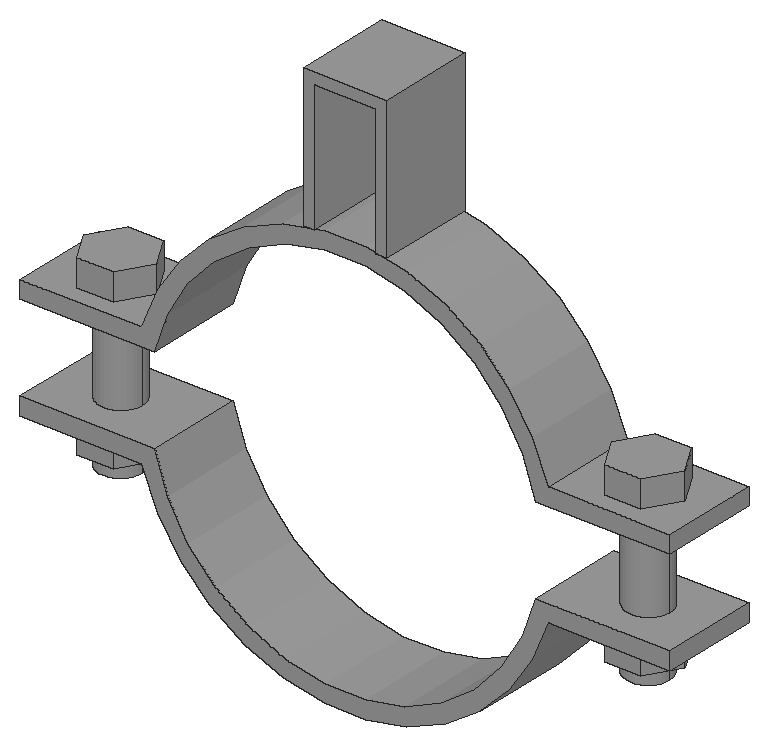
Revit family "LRD", category Pipe Accessories, Revit 2021
Family settings
  Round Connector Dimension = Use Diameter
  Part Type = Valve - Breaks Into
  Work Plane-Based = Yes
  Always vertical = No
  Cut with Voids When Loaded = No
  Shared = No
Parameters (values of type "LRD8")
  rad1 = rad + 0' 0.35433"  # 0' - 4.35433"
  lRad1 = rad1 - 0' 0.07874"  # 0' - 4.27559"
  dep = 2 * rad / 4.5  # 0' - 1.77778"
  a = 154.682°
  Name [instance] = "LRD8"
  LRDWB = no
  LRD = yes
  ISAT Bracing Attachment Type Seismic Alternate 2 Description [instance] = ""
  ISAT Bracing Attachment Type Seismic Alternate 2 [instance] = ""
  ISAT Bracing Attachment Type Seismic Alternate 1 Description [instance] = ""
  ISAT Bracing Attachment Type Seismic Alternate 1 [instance] = ""
  ISAT Bracing Attachment Type Description [instance] = ""
  ISAT Bracing Attachment Type Alternate Description [instance] = ""
  ISAT Bracing Attachment Type Alternate [instance] = ""
  ISAT Bracing Attachment Type [instance] = ""
  ISAT Brace Level [instance] = ""
  ISAT Brace Kit Id [instance] = ""
  ISAT Brace Kit Designation [instance] = ""
  ISAT Brace Errors [instance] = ""
  ISAT Attachment Target [instance] = ""
  ISAT Area [instance] = ""
  Hord [instance] = 2 * rad * sin(a / 2)  # 0' - 7.80554"
  rad = Diam / 2  # 0' - 4"
  Diam = 0' - 8"
  Default Elevation = 4' - 0"
Types (26): name | rad1 | lRad1 | dep | Name | LRDWB | LRD | Hord | rad | Diam
  LRDWB1 | 0' - 0.85433" | 0' - 0.77559" | 0' - 0.22222" | "LRDWB 1" | yes | no | 0' - 0.97569" | 0' - 0 1/2" | 0' - 1"
  LRDWB1.25 | 0' - 0.97933" | 0' - 0.90059" | 0' - 0.27778" | "LRDWB1.25" | yes | no | 0' - 1.21962" | 0' - 0 5/8" | 0' - 1 1/4"
  LRDWB1.5 | 0' - 1.10433" | 0' - 1.02559" | 0' - 0.33333" | "LRDWB1.5" | yes | no | 0' - 1.46354" | 0' - 0 3/4" | 0' - 1 1/2"
  LRDWB10 | 0' - 6.35433" | 0' - 6.27559" | 0' - 2.66667" | "LRDWB10" | yes | no | 0' - 11.7083" | 0' - 6" | 1' - 0"
  LRDWB12 | 0' - 7.35433" | 0' - 7.27559" | 0' - 3.11111" | "LRDWB12" | yes | no | 1' - 1.65969" | 0' - 7" | 1' - 2"
  LRDWB14 | 0' - 8.35433" | 0' - 8.27559" | 0' - 3.55556" | "LRDWB14" | yes | no | 1' - 3.61107" | 0' - 8" | 1' - 4"
  LRDWB2 | 0' - 1.35433" | 0' - 1.27559" | 0' - 0.44444" | "LRDWB2" | yes | no | 0' - 1.95138" | 0' - 1" | 0' - 2"
  LRDWB2.5 | 0' - 1.60433" | 0' - 1.52559" | 0' - 0.55556" | "LRDWB2.5" | yes | no | 0' - 2.43923" | 0' - 1 1/4" | 0' - 2 1/2"
  LRDWB3 | 0' - 1.85433" | 0' - 1.77559" | 0' - 0.66667" | "LRDWB3" | yes | no | 0' - 2.92708" | 0' - 1 1/2" | 0' - 3"
  LRDWB4 | 0' - 2.35433" | 0' - 2.27559" | 0' - 0.88889" | "LRDWB4" | yes | no | 0' - 3.90277" | 0' - 2" | 0' - 4"
  LRDWB5 | 0' - 2.85433" | 0' - 2.77559" | 0' - 1.11111" | "LRDWB5" | yes | no | 0' - 4.87846" | 0' - 2 1/2" | 0' - 5"
  LRDWB6 | 0' - 3.35433" | 0' - 3.27559" | 0' - 1.33333" | "LRDWB6" | yes | no | 0' - 5.85415" | 0' - 3" | 0' - 6"
  LRDWB8 | 0' - 4.35433" | 0' - 4.27559" | 0' - 1.77778" | "LRDWB8" | yes | no | 0' - 7.80554" | 0' - 4" | 0' - 8"
  LRD1 | 0' - 0.85433" | 0' - 0.77559" | 0' - 0.22222" | "LRD1" | no | yes | 0' - 0.97569" | 0' - 0 1/2" | 0' - 1"
  LRD1.25 | 0' - 0.97933" | 0' - 0.90059" | 0' - 0.27778" | "LRD1.25" | no | yes | 0' - 1.21962" | 0' - 0 5/8" | 0' - 1 1/4"
  LRD1.5 | 0' - 1.10433" | 0' - 1.02559" | 0' - 0.33333" | "LRD1.5" | no | yes | 0' - 1.46354" | 0' - 0 3/4" | 0' - 1 1/2"
  LRD10 | 0' - 6.35433" | 0' - 6.27559" | 0' - 2.66667" | "LRD10" | no | yes | 0' - 11.7083" | 0' - 6" | 1' - 0"
  LRD12 | 0' - 7.35433" | 0' - 7.27559" | 0' - 3.11111" | "LRD12" | no | yes | 1' - 1.65969" | 0' - 7" | 1' - 2"
  LRD14 | 0' - 8.35433" | 0' - 8.27559" | 0' - 3.55556" | "LRD14" | no | yes | 1' - 3.61107" | 0' - 8" | 1' - 4"
  LRD2 | 0' - 1.35433" | 0' - 1.27559" | 0' - 0.44444" | "LRD2" | no | yes | 0' - 1.95138" | 0' - 1" | 0' - 2"
  LRD2.5 | 0' - 1.60433" | 0' - 1.52559" | 0' - 0.55556" | "LRD2.5" | no | yes | 0' - 2.43923" | 0' - 1 1/4" | 0' - 2 1/2"
  LRD3 | 0' - 1.85433" | 0' - 1.77559" | 0' - 0.66667" | "LRD3" | no | yes | 0' - 2.92708" | 0' - 1 1/2" | 0' - 3"
  LRD4 | 0' - 2.35433" | 0' - 2.27559" | 0' - 0.88889" | "LRD4" | no | yes | 0' - 3.90277" | 0' - 2" | 0' - 4"
  LRD5 | 0' - 2.85433" | 0' - 2.77559" | 0' - 1.11111" | "LRD5" | no | yes | 0' - 4.87846" | 0' - 2 1/2" | 0' - 5"
  LRD6 | 0' - 3.35433" | 0' - 3.27559" | 0' - 1.33333" | "LRD6" | no | yes | 0' - 5.85415" | 0' - 3" | 0' - 6"
  LRD8 | 0' - 4.35433" | 0' - 4.27559" | 0' - 1.77778" | "LRD8" | no | yes | 0' - 7.80554" | 0' - 4" | 0' - 8"
Reference planes (in)
  plane 1 "По центру (Вперед/Назад)": y = 0
  plane 2: z = 0
  plane 3 "По центру (Влево/Вправо)": x = 0
  plane 4 "Up": y = 1
  plane 5 "Down": y = -1
  plane 6: z = 0.88889
  plane 7: z = -0.88889
  plane 8: x = 3.90277
  plane 9: x = -3.90277
  plane 10: x = 6.65072
  plane 11: x = -6.65072
  plane 12: x = -5.40072
  plane 13: x = 5.40072
  plane 14: z = 1.2492
  plane 15: z = -1.2492
  plane 16: z = -2.5312
  plane 17: z = 1.80718
  plane 18: z = -1.80718
  plane 19: z = 1.72911
  plane 20: z = 4.27559
  plane 21: z = 4.82677
  plane 22: z = 7.16394
  plane 23: z = 6.61276
Forms (in)
  Extrusion 1, solid, material "Default"
    sketch origin (0, 0, 0) x (1, 0, 0) y (0, 0, 1)
      loop
        line (3.89998, 0.88889) -> (6.65072, 0.88889) -> (6.65072, 1.2492) -> (4.17129, 1.2492)
        arc (4.17129, 1.2492) -> (0, 4.35433) -> (-4.17129, 1.2492) r 4.35433
        line (-4.17129, 1.2492) -> (-6.65072, 1.2492) -> (-6.65072, 0.88889) -> (-3.89998, 0.88889)
        arc (-3.89998, 0.88889) -> (0, 4) -> (3.89998, 0.88889) r 4
      loop
        arc (3.90277, -0.88889) -> (0, -4.00271) -> (-3.90277, -0.88889) r 4.00271
        line (-3.90277, -0.88889) -> (-6.65072, -0.88889) -> (-6.65072, -1.2492) -> (-4.16717, -1.2492)
        arc (-4.16717, -1.2492) -> (0, -4.35038) -> (4.16717, -1.2492) r 4.35038
        line (4.16717, -1.2492) -> (6.65072, -1.2492) -> (6.65072, -0.88889) -> (3.90277, -0.88889)
    from -1 to 1
  Extrusion 2, solid, material "По умолчанию"
    sketch origin (0, 0, 0) x (1, 0, 0) y (0, 1, 0)
      loop
        line (-5.02824, 0.64516) -> (-5.77321, 0.64516) -> (-6.14569, 0) -> (-5.77321, -0.64516) -> (-5.02824, -0.64516) -> (-4.65575, 0) -> (-5.02824, 0.64516)
    from 1.2492 to 1.80718
  Extrusion 3, solid, material "По умолчанию"
    sketch origin (0, 0, 0) x (1, 0, 0) y (0, 1, 0)
      loop
        line (5.77321, 0.64516) -> (5.02824, 0.64516) -> (4.65575, 0) -> (5.02824, -0.64516) -> (5.77321, -0.64516) -> (6.14569, 0) -> (5.77321, 0.64516)
    from 1.2492 to 1.80718
  Extrusion 4, solid, material "По умолчанию"
    sketch origin (0, 0, 0) x (1, 0, 0) y (0, 1, 0)
      loop
        line (-5.02824, 0.64516) -> (-5.77321, 0.64516) -> (-6.14569, 0) -> (-5.77321, -0.64516) -> (-5.02824, -0.64516) -> (-4.65575, 0) -> (-5.02824, 0.64516)
    from -1.80718 to -1.2492
  Extrusion 5, solid, material "По умолчанию"
    sketch origin (0, 0, 0) x (1, 0, 0) y (0, 1, 0)
      loop
        line (5.77321, 0.64516) -> (5.02824, 0.64516) -> (4.65575, 0) -> (5.02824, -0.64516) -> (5.77321, -0.64516) -> (6.14569, 0) -> (5.77321, 0.64516)
    from -1.80718 to -1.2492
  Extrusion 6, solid, material "По умолчанию"
    sketch origin (0, 0, 0) x (1, 0, 0) y (0, 1, 0)
      loop
        circle (-5.40072, 0) r 0.44992
    from -2.141 to 0.88889
  Extrusion 7, solid, material "По умолчанию"
    sketch origin (0, 0, 0) x (-1, 0, 0) y (0, -1, 0)
      loop
        circle (-5.40072, 0) r 0.44992
    from -2.141 to 0.88889
  Extrusion 8, solid, material "По умолчанию", visible <- "LRDWB"
    sketch origin (3.6875, 0, 0) x (1, 0, 0) y (0, 1, 0)
      loop
        circle (-3.6875, 0) r 0.44992
    from 4.27559 to 6.61276
  Extrusion 9, solid, material "По умолчанию", visible <- "LRDWB"
    sketch origin (3.6875, 0, 0) x (1, 0, 0) y (0, 1, 0)
      loop
        line (-3.31501, 0.64516) -> (-4.05999, 0.64516) -> (-4.43247, 0) -> (-4.05999, -0.64516) -> (-3.31501, -0.64516) -> (-2.94253, 0) -> (-3.31501, 0.64516)
    from 4.27559 to 4.82677
  Extrusion 10, solid, material "Default", visible <- "LRD"
    sketch origin (0, 0, 0) x (1, 0, 0) y (0, 0, 1)
      loop
        line (-0.8492, 7.16394) -> (-0.8492, 4.27559) -> (-0.625, 4.27559) -> (-0.625, 6.93974) -> (0.625, 6.93974) -> (0.625, 4.27559) -> (0.8492, 4.27559) -> (0.8492, 7.16394) -> (-0.8492, 7.16394)
    from -1 to 1
Cuts and joins
  joined: Extrusion 2, Extrusion 3, Extrusion 4, Extrusion 5, Extrusion 6, Extrusion 7
Dimensions and locks (in)
  plane 5 "Down" to plane 1 "По центру (Вперед/Назад)" to plane 4 "Up" = 0' - 1" locked, 0' - 1" locked
  equal spacing: plane 7, level, plane 6
  "dep": plane 7 to plane 6
  equal spacing: plane 9, plane 3 "По центру (Влево/Вправо)", plane 8
  "Hord": plane 9 to plane 8
  locked: plane 10 to plane 8 at 2.74795
  locked: plane 11 to plane 9 at 2.74795
  locked: Extrusion 1 sketch curve to Extrusion 1 sketch curve at 0.36031  (x4)
  locked: plane 8 to plane 13 at 1.49795
  locked: plane 9 to plane 12 at 1.49795
  Extrusion 2 sketch curve to Extrusion 2 sketch curve = 0' - 1.29033"
  locked: plane 14 to plane 6 at 0.36031
  locked: plane 15 to plane 7 at 0.36031
  Extrusion 3 sketch curve to plane 1 "По центру (Вперед/Назад)" to Extrusion 3 sketch curve = 0' - 0.64516" locked, 0' - 0.64516" locked
  Extrusion 2 to plane 1 "По центру (Вперед/Назад)" to Extrusion 2 = 0' - 0.64516" locked, 0' - 0.64516" locked
  locked: plane 6 to plane 17 at 0.91829
  locked: plane 18 to plane 7 at 0.91829
  locked: plane 16 to plane 18 at 0.72402
  locked: plane 19 to plane 17 at 0.07807
  "lRad1": level to plane 20
  locked: plane 20 to plane 21 at 0.55118
  Extrusion 9 sketch curve to plane 1 "По центру (Вперед/Назад)" to Extrusion 9 sketch curve = 0' - 0.64516" locked, 0' - 0.64516" locked
  locked: plane 20 to plane 22 at 2.88835
  locked: plane 23 to plane 22 at 0.55118
  Extrusion 10 sketch curve to Extrusion 10 sketch curve to plane 3 "По центру (Влево/Вправо)" to Extrusion 10 sketch curve to Extrusion 10 sketch curve = 0' - 0.2242" locked, 0' - 0 5/8" locked, 0' - 0 5/8" locked, 0' - 0.2242" locked
  "rad": radius of Extrusion 1 sketch curve
  "rad1": radius of Extrusion 1 sketch curve
  aligned and locked: level to plane 2
  aligned and locked: level to Extrusion 1 sketch curve  (x4)
  aligned and locked: Extrusion 1 sketch curve to plane 10
  aligned and locked: plane 6 to Extrusion 1 sketch curve  (x2)
  aligned and locked: plane 11 to Extrusion 1 sketch curve  (x2)
  aligned and locked: plane 7 to Extrusion 1 sketch curve  (x2)
  aligned and locked: plane 10 to Extrusion 1 sketch curve
  aligned and locked: Extrusion 1 to plane 4 "Up"
  aligned and locked: Extrusion 4 to Extrusion 2
  aligned and locked: Extrusion 5 to Extrusion 3
  aligned and locked: Extrusion 2 to Extrusion 1
  aligned and locked: Extrusion 3 to Extrusion 1
  aligned and locked: Extrusion 4 to Extrusion 1
  aligned and locked: Extrusion 5 to Extrusion 1
  aligned and locked: Extrusion 2 to plane 17
  aligned and locked: plane 17 to Extrusion 3
  aligned and locked: plane 15 to Extrusion 5
  aligned and locked: plane 15 to Extrusion 4
  aligned and locked: Extrusion 5 to plane 18
  aligned and locked: plane 18 to Extrusion 4
  aligned and locked: plane 1 "По центру (Вперед/Назад)" to Extrusion 6 sketch curve
  aligned and locked: plane 12 to Extrusion 6 sketch curve
  aligned and locked: plane 6 to Extrusion 6
  aligned and locked: plane 1 "По центру (Вперед/Назад)" to Extrusion 7 sketch curve
  aligned and locked: plane 13 to Extrusion 7 sketch curve
  aligned and locked: plane 3 "По центру (Влево/Вправо)" to Extrusion 8 sketch curve
  aligned and locked: plane 1 "По центру (Вперед/Назад)" to Extrusion 8 sketch curve
  aligned and locked: Extrusion 8 to plane 20
  aligned and locked: plane 21 to Extrusion 9
  aligned and locked: Extrusion 9 to plane 20
  aligned and locked: plane 6 to Extrusion 7
  aligned and locked: Extrusion 10 sketch curve to plane 22
  aligned and locked: Extrusion 10 sketch curve to plane 20
  aligned and locked: plane 20 to Extrusion 10 sketch curve  (x3)
  aligned and locked: plane 4 "Up" to Extrusion 10
  aligned and locked: plane 5 "Down" to Extrusion 10
  aligned and locked: plane 23 to Extrusion 8
Automatic sketch dimensions
  plane 1 "По центру (Вперед/Назад)" to Extrusion 2 sketch curve = 0' - 0"  (x2)
  Extrusion 2 sketch curve to plane 12 = 0' - 0.74497"
  Extrusion 2 sketch curve to plane 12 = 0' - 0.37249"  (x2)
  plane 12 to Extrusion 2 sketch curve = 0' - 0.37249"  (x2)
  plane 12 to Extrusion 2 sketch curve = 0' - 0.74497"
  Extrusion 2 sketch curve to plane 5 "Down" = 0' - 0.35484"
  plane 1 "По центру (Вперед/Назад)" to Extrusion 3 sketch curve = 0' - 0"  (x2)
  plane 13 to Extrusion 3 sketch curve = 0' - 0.74497"
  plane 13 to Extrusion 3 sketch curve = 0' - 0.37249"  (x2)
  Extrusion 3 sketch curve to plane 13 = 0' - 0.37249"  (x2)
  Extrusion 3 sketch curve to Extrusion 3 sketch curve = 0' - 0.37249"
  plane 1 "По центру (Вперед/Назад)" to Extrusion 4 sketch curve = 0' - 0"  (x2)
  Extrusion 4 sketch curve to plane 12 = 0' - 0.74497"
  Extrusion 4 sketch curve to plane 12 = 0' - 0.37249"  (x2)
  plane 12 to Extrusion 4 sketch curve = 0' - 0.37249"  (x2)
  plane 12 to Extrusion 4 sketch curve = 0' - 0.74497"
  Extrusion 4 sketch curve to plane 5 "Down" = 0' - 0.35484"
  Extrusion 4 sketch curve to plane 4 "Up" = 0' - 0.35484"
  plane 1 "По центру (Вперед/Назад)" to Extrusion 5 sketch curve = 0' - 0"  (x2)
  plane 13 to Extrusion 5 sketch curve = 0' - 0.74497"
  plane 13 to Extrusion 5 sketch curve = 0' - 0.37249"  (x2)
  Extrusion 5 sketch curve to plane 13 = 0' - 0.37249"  (x2)
  Extrusion 5 sketch curve to Extrusion 5 sketch curve = 0' - 0.37249"
  Extrusion 5 sketch curve to plane 5 "Down" = 0' - 0.35484"
  Extrusion 5 sketch curve to plane 4 "Up" = 0' - 0.35484"
  plane 1 "По центру (Вперед/Назад)" to Extrusion 9 sketch curve = 0' - 0"  (x2)
  Extrusion 9 sketch curve to plane 3 "По центру (Влево/Вправо)" = 0' - 0.74497"
  Extrusion 9 sketch curve to plane 3 "По центру (Влево/Вправо)" = 0' - 0.37249"  (x2)
  plane 3 "По центру (Влево/Вправо)" to Extrusion 9 sketch curve = 0' - 0.37249"  (x2)
  Extrusion 9 sketch curve to Extrusion 9 sketch curve = 0' - 0.37249"
  Extrusion 10 sketch curve to plane 22 = 0' - 0.2242"
  Extrusion 1 sketch curve to Extrusion 1 sketch curve = 0' - 0"  (x3)
  Extrusion 1 sketch curve to plane 9 = 0' - 0"
  Extrusion 1 sketch curve to plane 3 "По центру (Влево/Вправо)" = 0' - 0"
  Extrusion 1 sketch curve to plane 6 = 0' - 0"
  Extrusion 1 sketch curve to plane 9 = 0' - 0.2644"
  radius of Extrusion 6 sketch curve = 0' - 0.44992"
  radius of Extrusion 7 sketch curve = 0' - 0.44992"
  radius of Extrusion 8 sketch curve = 0' - 0.44992"
